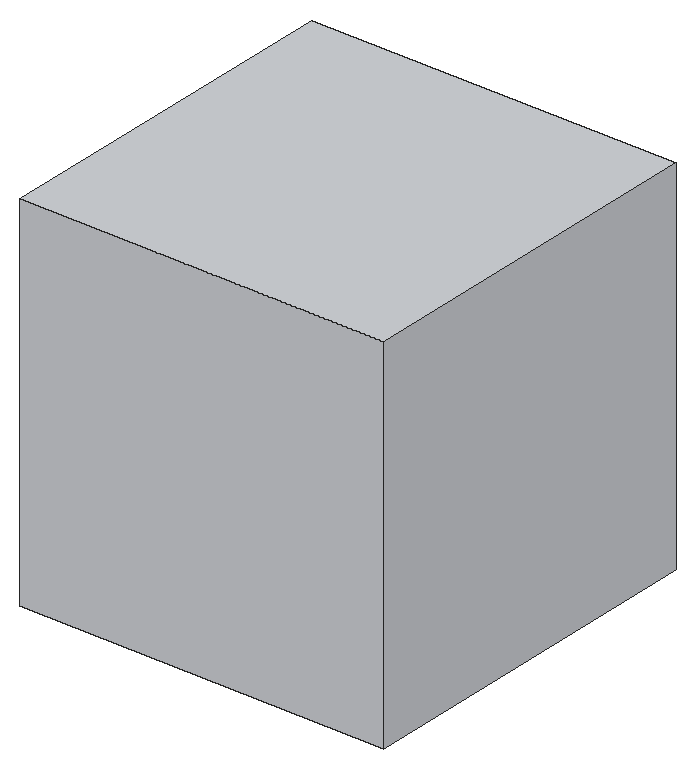
Revit family "PP_Pile-Square-Concrete", category Structural Foundations, Revit 2026
Family settings
  Material for Model Behavior = Other
  Cap = No
  Work Plane-Based = No
  Always vertical = Yes
  Cut with Voids When Loaded = No
  Shared = No
  Show family pre-cut in plan views = Yes
Parameters (values of type "300x300mm")
  Width = 304.8 mm
  Structural Material = Concrete - Cast-in-Place Concrete
  Length = 304.8 mm
  Foundation Thickness = 304.8 mm
Reference planes
  plane 1 "Center (Front/Back)": y = 0
  plane 2: z = 0
  plane 3 "Center (Left/Right)": x = 0
Forms (mm)
  Extrusion 1, solid
    sketch origin (0, 0, 0) x (1, 0, 0) y (0, 1, 0)
      loop
        line (-152.4, -152.4) -> (152.4, -152.4) -> (152.4, 152.4) -> (-152.4, 152.4) -> (-152.4, -152.4)
    from 0 to 304.8 <- "Foundation Thickness"
Dimensions and locks
  "Width": Extrusion 1 sketch curve to Extrusion 1 sketch curve
  equal spacing: Extrusion 1 sketch curve, plane 3 "Center (Left/Right)", Extrusion 1 sketch curve
  "Length": Extrusion 1 sketch curve to Extrusion 1 sketch curve
  equal spacing: Extrusion 1 sketch curve, plane 1 "Center (Front/Back)", Extrusion 1 sketch curve
  aligned and locked: plane 2 to level
